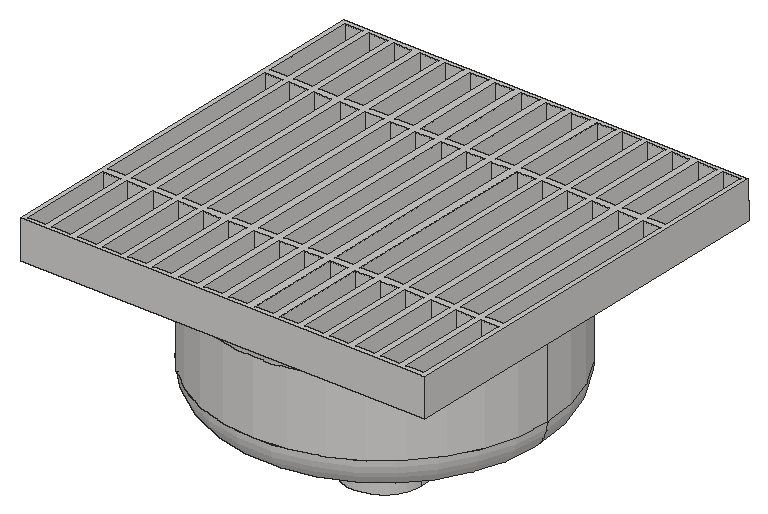
Revit family
Parameters (values of type "9630-SBG-2"")
  Width = 12"
  Waste Connection Radius = 1"
  Waste Connection Diameter = Waste Connection Radius * 2  # 2"
  Waste Connection = yes
  Vent Connection = no
  URL = "www.jrsmith.com"
  Price = "Prices may vary. Please consult Manufacturer Representative for most up-to-date price list."  # constant formula
  Phone Number = "416-250-5656"  # constant formula
  Omniclass Table 23 Title = "Waste Water Drains"  # constant formula
  Omniclass Table 23 Code = "23.70.50.21.24"  # constant formula
  Model = "9630-SBG-2\""
  Material = Metal-Jay R Smith-Stainless Steel
  Masterformat Title = "Sanitary Drains"  # constant formula
  Masterformat Number = "22 13 19.13"  # constant formula
  Manufacturer = "Jay R. Smith"
  Length = Width  # 12"
  Height = 7 1/4"
  HW Connection = no
  Description = "12\" Square topped general purpose drain with bar grating."
  Default Elevation = 0"
  Creation Date = "27/10/2014"  # constant formula
  Created By = "Allied Technical Services"  # constant formula
  CW Connection = no
  Assembly Code = "D2030300"
  ATS URL = "http://www.atsspec.net"
Types (10): name | Waste Connection Radius | Waste Connection Diameter | Model | Height
  (no name) | 1" | 2" | "9630-SBG-2\"" | 7 1/4"
  9630-SBG-2" | 1" | 2" | "9630-SBG-2\"" | 7 1/4"
  9630-SBG-3" | 1 1/2" | 3" | "9630-SBG-3\"" | 7 1/4"
  9630-SBG-4" | 2" | 4" | "9630-SBG-4\"" | 7 1/4"
  9631-SBG-2" | 1" | 2" | "9631-SBG-2\"" | 9 1/4"
  9631-SBG-3" | 1 1/2" | 3" | "9631-SBG-3\"" | 9 1/4"
  9631-SBG-4" | 2" | 4" | "9631-SBG-4\"" | 9 1/4"
  9632-SBG-2" | 1" | 2" | "9632-SBG-2\"" | 11 1/4"
  9632-SBG-3" | 1 1/2" | 3" | "9632-SBG-3\"" | 11 1/4"
  9632-SBG-4" | 2" | 4" | "9632-SBG-4\"" | 11 1/4"
Reference planes (in)
  plane 1 "Center (Front/Back)": y = 0
  plane 2: z = 0
  plane 3 "Center (Left/Right)": x = 0
  plane 4: x = -6
  plane 5: x = 6
  plane 6: z = 7.25
  plane 7: z = 2
  plane 8: x = -1
  plane 9: x = 1
  plane 10: z = 6.375
  plane 11: z = 6.125
  plane 12: y = 0
  plane 13: x = 0
Forms (in)
  Revolve 1, solid, material "Metal-Jay R Smith-Stainless Steel" <- "Material"
    sketch origin (0, 0, 0) x (1, 0, 0) y (0, 0, 1)
      loop
        line (-4.85146, 5.15452) -> (-4.85146, 3)
        arc (-4.85146, 3) -> (-4.55857, 2.29289) -> (-3.85146, 2) r 1
        line (-3.85146, 2) -> (-3.10146, 2) -> (-1.125, 1.68696) -> (-1.125, 0) -> (-1, 0) -> (-1, 6.125) -> (-5.26404, 6.125) -> (-5.26404, 5.72258)
        arc (-5.26404, 5.72258) -> (-5.22877, 5.614) -> (-5.13643, 5.54687) r 0.18476
        arc (-5.13643, 5.54687) -> (-4.93022, 5.39698) -> (-4.85146, 5.15452) r 0.41258
      axis (0, 0) -> (0, 6.125)
    angle from 0 to 360
  Extrusion 2, solid, material "Metal-Jay R Smith-Stainless Steel" <- "Material"
    sketch origin (-43.90802, -54.52824, 0) x (1, 0, 0) y (0, 1, 0)
      loop
        line (37.90802, 60.52824) -> (37.90802, 48.52824) -> (49.90802, 48.52824) -> (49.90802, 60.52824) -> (37.90802, 60.52824)
    from 6.125 to 6.375
  Extrusion 3, solid, material "Metal-Jay R Smith-Stainless Steel" <- "Material"
    sketch origin (-83.29757, -86.00709, 0) x (1, 0, 0) y (0, 1, 0)
      loop
        line (77.29757, 92.00709) -> (77.29757, 80.00709) -> (89.29757, 80.00709) -> (89.29757, 92.00709) -> (77.29757, 92.00709)
      loop
        line (77.42257, 91.88068) -> (77.42257, 89.10109) -> (77.95357, 89.10109) -> (77.95357, 91.88068) -> (77.42257, 91.88068)
      loop
        line (78.14157, 91.88068) -> (78.14157, 89.10109) -> (78.70357, 89.10109) -> (78.70357, 91.88068) -> (78.14157, 91.88068)
      loop
        line (78.89157, 91.88068) -> (78.89157, 89.10109) -> (79.45357, 89.10109) -> (79.45357, 91.88068) -> (78.89157, 91.88068)
      loop
        line (79.64157, 91.88068) -> (79.64157, 89.10109) -> (80.20357, 89.10109) -> (80.20357, 91.88068) -> (79.64157, 91.88068)
      loop
        line (80.39157, 91.88068) -> (80.39157, 89.10109) -> (80.95357, 89.10109) -> (80.95357, 91.88068) -> (80.39157, 91.88068)
      loop
        line (81.14157, 91.88068) -> (81.14157, 89.10109) -> (81.70357, 89.10109) -> (81.70357, 91.88068) -> (81.14157, 91.88068)
      loop
        line (81.89157, 91.88068) -> (81.89157, 89.10109) -> (82.45357, 89.10109) -> (82.45357, 91.88068) -> (81.89157, 91.88068)
      loop
        line (82.64157, 91.88068) -> (82.64157, 89.10109) -> (83.20357, 89.10109) -> (83.20357, 91.88068) -> (82.64157, 91.88068)
      loop
        line (83.39157, 91.88068) -> (83.39157, 89.10109) -> (83.95357, 89.10109) -> (83.95357, 91.88068) -> (83.39157, 91.88068)
      loop
        line (84.14157, 91.88068) -> (84.14157, 89.10109) -> (84.70357, 89.10109) -> (84.70357, 91.88068) -> (84.14157, 91.88068)
      loop
        line (84.89157, 91.88068) -> (84.89157, 89.10109) -> (85.45357, 89.10109) -> (85.45357, 91.88068) -> (84.89157, 91.88068)
      loop
        line (85.64157, 91.88068) -> (85.64157, 89.10109) -> (86.20357, 89.10109) -> (86.20357, 91.88068) -> (85.64157, 91.88068)
      loop
        line (86.39157, 91.88068) -> (86.39157, 89.10109) -> (86.95357, 89.10109) -> (86.95357, 91.88068) -> (86.39157, 91.88068)
      loop
        line (87.14157, 91.88068) -> (87.14157, 89.10109) -> (87.70357, 89.10109) -> (87.70357, 91.88068) -> (87.14157, 91.88068)
      loop
        line (87.89157, 91.88068) -> (87.89157, 89.10109) -> (88.45357, 89.10109) -> (88.45357, 91.88068) -> (87.89157, 91.88068)
      loop
        line (88.64157, 91.88068) -> (88.64157, 89.10109) -> (89.17257, 89.10109) -> (89.17257, 91.88068) -> (88.64157, 91.88068)
      loop
        line (77.42257, 80.1335) -> (77.95357, 80.1335) -> (77.95357, 82.91309) -> (77.42257, 82.91309) -> (77.42257, 80.1335)
      loop
        line (78.14157, 80.1335) -> (78.70357, 80.1335) -> (78.70357, 82.91309) -> (78.14157, 82.91309) -> (78.14157, 80.1335)
      loop
        line (78.89157, 80.1335) -> (79.45357, 80.1335) -> (79.45357, 82.91309) -> (78.89157, 82.91309) -> (78.89157, 80.1335)
      loop
        line (79.64157, 80.1335) -> (80.20357, 80.1335) -> (80.20357, 82.91309) -> (79.64157, 82.91309) -> (79.64157, 80.1335)
      loop
        line (80.39157, 80.1335) -> (80.95357, 80.1335) -> (80.95357, 82.91309) -> (80.39157, 82.91309) -> (80.39157, 80.1335)
      loop
        line (81.14157, 80.1335) -> (81.70357, 80.1335) -> (81.70357, 82.91309) -> (81.14157, 82.91309) -> (81.14157, 80.1335)
      loop
        line (81.89157, 80.1335) -> (82.45357, 80.1335) -> (82.45357, 82.91309) -> (81.89157, 82.91309) -> (81.89157, 80.1335)
      loop
        line (82.64157, 80.1335) -> (83.20357, 80.1335) -> (83.20357, 82.91309) -> (82.64157, 82.91309) -> (82.64157, 80.1335)
      loop
        line (83.39157, 80.1335) -> (83.95357, 80.1335) -> (83.95357, 82.91309) -> (83.39157, 82.91309) -> (83.39157, 80.1335)
      loop
        line (84.14157, 80.1335) -> (84.70357, 80.1335) -> (84.70357, 82.91309) -> (84.14157, 82.91309) -> (84.14157, 80.1335)
      loop
        line (84.89157, 80.1335) -> (85.45357, 80.1335) -> (85.45357, 82.91309) -> (84.89157, 82.91309) -> (84.89157, 80.1335)
      loop
        line (85.64157, 80.1335) -> (86.20357, 80.1335) -> (86.20357, 82.91309) -> (85.64157, 82.91309) -> (85.64157, 80.1335)
      loop
        line (86.39157, 80.1335) -> (86.95357, 80.1335) -> (86.95357, 82.91309) -> (86.39157, 82.91309) -> (86.39157, 80.1335)
      loop
        line (87.14157, 80.1335) -> (87.70357, 80.1335) -> (87.70357, 82.91309) -> (87.14157, 82.91309) -> (87.14157, 80.1335)
      loop
        line (87.89157, 80.1335) -> (88.45357, 80.1335) -> (88.45357, 82.91309) -> (87.89157, 82.91309) -> (87.89157, 80.1335)
      loop
        line (88.64157, 80.1335) -> (89.17257, 80.1335) -> (89.17257, 82.91309) -> (88.64157, 82.91309) -> (88.64157, 80.1335)
      loop
        line (77.42257, 88.91309) -> (77.42257, 83.10109) -> (77.95357, 83.10109) -> (77.95357, 88.91309) -> (77.42257, 88.91309)
      loop
        line (78.14157, 83.10109) -> (78.70357, 83.10109) -> (78.70357, 88.91309) -> (78.14157, 88.91309) -> (78.14157, 83.10109)
      loop
        line (78.89157, 83.10109) -> (79.45357, 83.10109) -> (79.45357, 88.91309) -> (78.89157, 88.91309) -> (78.89157, 83.10109)
      loop
        line (79.64157, 83.10109) -> (80.20357, 83.10109) -> (80.20357, 88.91309) -> (79.64157, 88.91309) -> (79.64157, 83.10109)
      loop
        line (80.39157, 83.10109) -> (80.95357, 83.10109) -> (80.95357, 88.91309) -> (80.39157, 88.91309) -> (80.39157, 83.10109)
      loop
        line (81.14157, 83.10109) -> (81.70357, 83.10109) -> (81.70357, 88.91309) -> (81.14157, 88.91309) -> (81.14157, 83.10109)
      loop
        line (81.89157, 83.10109) -> (82.45357, 83.10109) -> (82.45357, 88.91309) -> (81.89157, 88.91309) -> (81.89157, 83.10109)
      loop
        line (82.64157, 83.10109) -> (83.20357, 83.10109) -> (83.20357, 88.91309) -> (82.64157, 88.91309) -> (82.64157, 83.10109)
      loop
        line (83.39157, 83.10109) -> (83.95357, 83.10109) -> (83.95357, 88.91309) -> (83.39157, 88.91309) -> (83.39157, 83.10109)
      loop
        line (84.14157, 83.10109) -> (84.70357, 83.10109) -> (84.70357, 88.91309) -> (84.14157, 88.91309) -> (84.14157, 83.10109)
      loop
        line (84.89157, 83.10109) -> (85.45357, 83.10109) -> (85.45357, 88.91309) -> (84.89157, 88.91309) -> (84.89157, 83.10109)
      loop
        line (85.64157, 83.10109) -> (86.20357, 83.10109) -> (86.20357, 88.91309) -> (85.64157, 88.91309) -> (85.64157, 83.10109)
      loop
        line (86.39157, 83.10109) -> (86.95357, 83.10109) -> (86.95357, 88.91309) -> (86.39157, 88.91309) -> (86.39157, 83.10109)
      loop
        line (87.14157, 83.10109) -> (87.70357, 83.10109) -> (87.70357, 88.91309) -> (87.14157, 88.91309) -> (87.14157, 83.10109)
      loop
        line (87.89157, 83.10109) -> (88.45357, 83.10109) -> (88.45357, 88.91309) -> (87.89157, 88.91309) -> (87.89157, 83.10109)
      loop
        line (88.64157, 83.10109) -> (89.17257, 83.10109) -> (89.17257, 88.91309) -> (88.64157, 88.91309) -> (88.64157, 83.10109)
    from 6.375 to 7.25
Cuts and joins
  joined: Revolve 1, Extrusion 2, Extrusion 3
Dimensions and locks (in)
  "Height": plane 6 to plane 2
  "Waste Connection Diameter": plane 9 to plane 8
  "Width": plane 5 to plane 4
  plane 7 to level = 2"
  equal spacing: plane 9, plane 3 "Center (Left/Right)", plane 8
  equal spacing: plane 5, plane 3 "Center (Left/Right)", plane 4
  locked: plane 8 to Revolve 1 sketch curve at 0.125
  locked: plane 10 to plane 11 at 0.25
  locked: plane 6 to plane 10 at 0.875
  plane 6 to plane 7 = 5 1/4"
  locked: Revolve 1 sketch curve to plane 4 at 1.14854
  locked: Revolve 1 sketch curve to plane 4 at 0.73596
  aligned and locked: plane 8 to Revolve 1 sketch curve
  aligned and locked: Extrusion 2 to Revolve 1
  aligned and locked: Extrusion 2 to plane 10
  aligned and locked: plane 11 to Revolve 1 sketch curve
  aligned and locked: plane 10 to Extrusion 3
  aligned and locked: plane 6 to Extrusion 3
Automatic sketch dimensions
  Extrusion 2 sketch curve to plane 4 = 0"
  Extrusion 2 sketch curve to plane 5 = 0"
  plane 1 "Center (Front/Back)" to Extrusion 2 sketch curve = 6"
  Extrusion 2 sketch curve to plane 1 "Center (Front/Back)" = 6"
  Revolve 1 sketch curve to plane 7 = 0"
  Revolve 1 sketch curve to plane 3 "Center (Left/Right)" = 0"
  Revolve 1 sketch curve to level = 0"
  Revolve 1 sketch curve to Revolve 1 sketch curve = 3/4"  (x2)
  Revolve 1 sketch curve to Revolve 1 sketch curve = 1"
  Revolve 1 sketch curve to Revolve 1 sketch curve = 0.05715"
  Revolve 1 sketch curve to Revolve 1 sketch curve = 0"
  Revolve 1 sketch curve to Revolve 1 sketch curve = 0.12761"
  Revolve 1 sketch curve to level = 1 3/4"
  plane 11 to Revolve 1 sketch curve = 0.97048"
  Revolve 1 sketch curve to plane 7 = 0.31304"
  plane 13 to Extrusion 3 sketch curve = 6"
  Extrusion 3 sketch curve to Extrusion 3 sketch curve = 1/8"  (x3)
  Extrusion 3 sketch curve to Extrusion 3 sketch curve = 0"  (x86)
  Extrusion 3 sketch curve to Extrusion 3 sketch curve = 0.531"  (x4)
  Extrusion 3 sketch curve to Extrusion 3 sketch curve = 0.188"  (x61)
  Extrusion 3 sketch curve to Extrusion 3 sketch curve = 0.562"  (x27)
  plane 13 to Extrusion 3 sketch curve = 0.094"  (x3)
  Extrusion 3 sketch curve to plane 13 = 0.094"  (x3)
  Extrusion 3 sketch curve to plane 12 = 6"
  Extrusion 3 sketch curve to Extrusion 3 sketch curve = 0.12641"  (x3)
  Extrusion 3 sketch curve to Extrusion 3 sketch curve = 2.77959"  (x2)
  plane 12 to Extrusion 3 sketch curve = 2.906"  (x2)
Connectors (in)
  piping at (0, 0, 0), driven by "Waste Connection Radius"
    settings: on cut or joined group of Revolve 1, Extrusion 2, Extrusion 3, index 1
